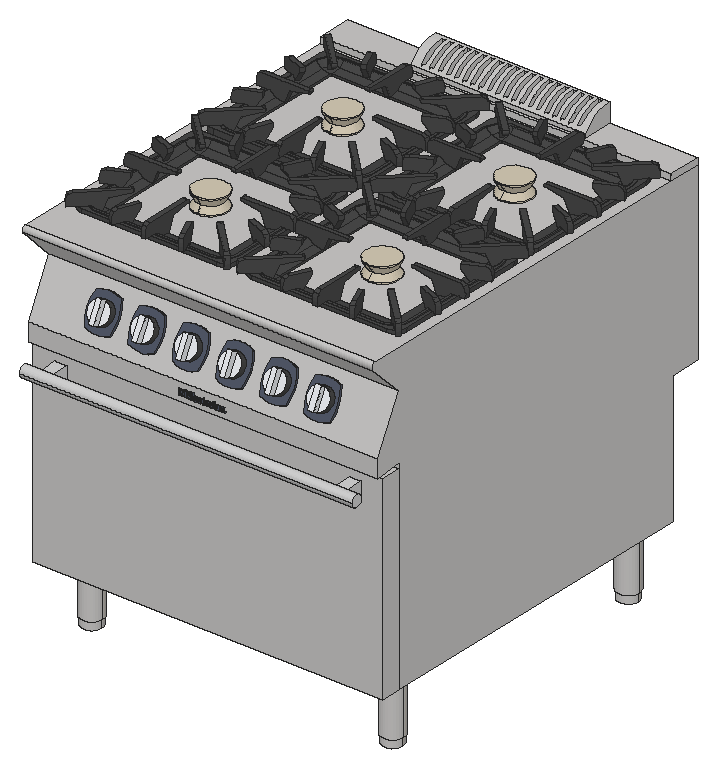
Revit family "QF_ELECTROLUXPROFESSIONAL_391195_E9GCTH4CEM", category Specialty Equipment, Revit 2018
Family settings
  Round Connector Dimension = Use Diameter
  Part Type = Normal
  Work Plane-Based = No
  Always vertical = Yes
  Cut with Voids When Loaded = No
  Shared = No
  Room Calculation Point = No
Parameters
  Width = 800 mm  # constant formula
  Weight in Pounds = 155  # constant formula
  Watts = 6000 VA  # 6000 W
  Volts = 400 V  # constant formula
  URL Cutsheet = "www.electrolux.com"
  URL = "www.electrolux.com"
  Type Mark [instance] = ""
  Status [instance] = ""
  Specification by User [instance] = ""
  Specification by Manufacturer = ""
  Show Logo [instance] = yes
  Show Clearance [instance] = yes
  Serial Number = ""
  Seismic Rating = ""
  SMACNA No = ""
  Revision Code [instance] = ""
  Phase = 3  # constant formula
  Omniclass Number and Title = ""
  Number of Poles [instance] = 1
  NAFEM Spec ID Number = ""
  Model = "391195"
  Min Ckt Ampacity = 0 A
  Mechanical Remarks [instance] = ""
  Mechanical Connection Type [instance] = ""
  Max Overcurrent Protection = 0 A
  Masterspec = ""
  Manufacturer = "ELECTROLUX"
  Item Number [instance] = ""
  Installed By [instance] = ""
  Identify Quantity as Lot [instance] = yes
  Height = 908.9 mm  # constant formula
  HP = "8 HP"
  Gas Size = 12.7 mm  # 1/2"
  Gas RI Height [instance] = 0 mm
  Gas KW [instance] = 28  # constant formula
  Gas Input [instance] = 27974.2 VA  # 95452.0 Btu/h
  Gas Connection Height = 0 mm
  Furnished By [instance] = ""
  Foodservice Equipment Identifier [instance] = yes
  FL Amps = if(Phase = 3, Watts / (Volts * 1.73), Watts / Volts)  # 8.67052 A
  Electrical Remarks [instance] = "230 V/3 ph/50/60 Hz"  # constant formula
  Electric Connection Type [instance] = ""
  Elec Conn RI Height [instance] = 0 mm
  Elec Conn Connection Height [instance] = 0 mm
  Direct Waste Size = 0"
  Description = "900XP 4 GAS BURNERS 6kW TOWN GAS ONELECTRIC OVEN 400V -TEMP 110/285°C"
  Depth = 930 mm  # constant formula
  Cycle [instance] = if([60 Hertz Option], 60 Hz, 50 Hz)  # 60 Hz
  Conn Plug = ""
  Conn Conduit = yes
  CSI MasterFormat = ""
  CSI Master Format = ""
  Assembly Code = ""
  Apparent Power = if(Phase = 3, Volts * FL Amps * 1.73, Volts * FL Amps)  # 6000 VA
  60 Hertz Option [instance] = not([50 Hertz Option])  # yes
  50 Hertz Option [instance] = no
Reference planes
  plane 1 "BACK": y = 0
  plane 2: z = 0
  plane 3 "LEFT": x = 0
  plane 4 "RIGHT": x = 800
  plane 5 "FRONT": y = -930
  plane 6 "TOP": z = 908.9
  plane 7 "Center Y": x = 400
  plane 8 "Center X": y = -465
  plane 9 "Base": z = 150
  plane 10: z = 850.9
  plane 11: y = -128
  plane 12: y = -802
  plane 13: x = 56
  plane 14: x = 744
Forms (mm)
  Extrusion 1, solid, material "QF_Finishes_Stainless Steel"
    sketch origin (0, 0, 576.175) x (0, 1, 0) y (0, 0, 1)
      loop
        line (0, 274.825) -> (0, 288.925) -> (-76.2, 288.925) -> (-76.2, 274.825) -> (0, 274.825)
    from 0 to 800
  Extrusion 2, void
    sketch origin (3.75, 0, 576.175) x (1, 0, 0) y (0, 1, 0)
      loop
        line (44.565, -824.098) -> (358.141, -824.098)
        arc (358.141, -824.098) -> (374.37, -817.376) -> (381.092, -801.147) r 22.951
        line (381.092, -801.147) -> (381.092, -114.13)
        arc (381.092, -114.13) -> (374.37, -97.901) -> (358.141, -91.179) r 22.951
        line (358.141, -91.179) -> (44.565, -91.179)
        arc (44.565, -91.179) -> (28.336, -97.901) -> (21.614, -114.13) r 22.951
        line (21.614, -114.13) -> (21.614, -801.147)
        arc (21.614, -801.147) -> (28.336, -817.376) -> (44.565, -824.098) r 22.951
    from 263.061 to 276.145
  Extrusion 3, void
    sketch origin (395.575, 0, 576.175) x (1, 0, 0) y (0, 1, 0)
      loop
        line (41.909, -824.098) -> (358.141, -824.098)
        arc (358.141, -824.098) -> (374.37, -817.376) -> (381.092, -801.147) r 22.951
        line (381.092, -801.147) -> (381.092, -114.13)
        arc (381.092, -114.13) -> (374.37, -97.901) -> (358.141, -91.179) r 22.951
        line (358.141, -91.179) -> (41.909, -91.179)
        arc (41.909, -91.179) -> (25.68, -97.901) -> (18.958, -114.13) r 22.951
        line (18.958, -114.13) -> (18.958, -801.147)
        arc (18.958, -801.147) -> (25.68, -817.376) -> (41.909, -824.098) r 22.951
    from 263.061 to 276.145
  Extrusion 4, solid, material "QF_Finishes_Navy Blue", visible <- "Show Logo"
    sketch origin (200, -913.213, 606.338) x (0, 0, 1) y (-1, 0, 0)
      loop
        line (27.764, -154.438) -> (15.398, -154.438)
        arc (15.398, -154.438) -> (21.581, -159.009) -> (27.764, -154.438) r 6.467
      loop
        arc (27.764, -153.809) -> (26.595, -148.666) -> (21.939, -146.188) r 6.338
        line (21.939, -146.188) -> (21.939, -148.234)
        arc (21.939, -148.234) -> (23.423, -151.889) -> (26.869, -153.809) r 5.941
        line (26.869, -153.809) -> (27.764, -153.809)
      loop
        arc (16.293, -153.809) -> (19.739, -151.889) -> (21.222, -148.234) r 5.941
        line (21.222, -148.234) -> (21.222, -146.188)
        arc (21.222, -146.188) -> (16.528, -148.662) -> (15.239, -153.809) r 6.504
        line (15.239, -153.809) -> (16.293, -153.809)
      loop
        line (28.439, -145.719) -> (14.695, -145.719) -> (14.695, -159.482) -> (28.439, -159.482) -> (28.439, -145.719)
      loop
        arc (28.523, -162.449) -> (28.175, -162.092) -> (27.808, -162.43) r 0.358
        arc (27.808, -162.43) -> (27.494, -163.18) -> (26.777, -163.565) r 1.216
        line (26.777, -163.565) -> (16.364, -163.565)
        arc (16.364, -163.565) -> (15.704, -163.287) -> (15.308, -162.691) r 1.238
        arc (15.308, -162.691) -> (14.914, -162.44) -> (14.608, -162.794) r 0.358
        line (14.608, -162.794) -> (14.608, -172.673) -> (17.359, -172.673) -> (17.359, -171.776)
        arc (17.359, -171.776) -> (16.45, -171.196) -> (15.995, -170.219) r 1.928
        line (15.995, -170.219) -> (15.995, -167.719)
        arc (15.995, -167.719) -> (16.27, -166.991) -> (16.959, -166.627) r 1.101
        line (16.959, -166.627) -> (21.045, -166.627) -> (21.045, -170.3)
        arc (21.045, -170.3) -> (20.692, -170.797) -> (20.127, -171.025) r 1.083
        arc (20.127, -171.025) -> (19.864, -171.331) -> (20.156, -171.609) r 0.292
        line (20.156, -171.609) -> (23.118, -171.609)
        arc (23.118, -171.609) -> (23.421, -171.336) -> (23.182, -171.006) r 0.305
        arc (23.182, -171.006) -> (22.692, -170.758) -> (22.387, -170.3) r 1.083
        line (22.387, -170.3) -> (22.387, -166.627) -> (27.064, -166.627) -> (27.064, -170.374)
        arc (27.064, -170.374) -> (26.85, -171.13) -> (26.243, -171.628) r 1.314
        arc (26.243, -171.628) -> (26.024, -172.032) -> (26.379, -172.324) r 0.361
        line (26.379, -172.324) -> (28.523, -172.324) -> (28.523, -162.449)
      loop
        arc (27.805, -173.105) -> (27.425, -174.023) -> (26.506, -174.404) r 1.299
        line (26.506, -174.404) -> (16.928, -174.404)
        arc (16.928, -174.404) -> (16.09, -174.026) -> (15.818, -173.148) r 1.118
        line (15.818, -173.148) -> (14.608, -173.148) -> (14.608, -178.498) -> (15.797, -178.498)
        arc (15.797, -178.498) -> (16.068, -177.581) -> (16.938, -177.185) r 1.153
        line (16.938, -177.185) -> (29.011, -177.185) -> (27.805, -173.105)
      loop
        line (19.573, -181.134) -> (19.573, -187.581) -> (20.372, -187.581)
        arc (20.372, -187.581) -> (22.953, -186.597) -> (24.221, -184.143) r 3.874
        line (24.221, -184.143) -> (24.221, -182.383)
        arc (24.221, -182.383) -> (23.035, -179.518) -> (20.17, -178.332) r 4.051
        line (20.17, -178.332) -> (18.162, -178.332)
        arc (18.162, -178.332) -> (15.344, -179.816) -> (14.292, -182.824) r 4.352
        arc (14.292, -182.824) -> (14.656, -185.287) -> (16.034, -187.361) r 5.713
        line (16.034, -187.361) -> (16.983, -187.361)
        arc (16.983, -187.361) -> (16.25, -185.792) -> (16.034, -184.074) r 5.579
        arc (16.034, -184.074) -> (16.828, -182.111) -> (18.707, -181.134) r 3.057
        line (18.707, -181.134) -> (19.573, -181.134)
      loop
        line (20.832, -181.134) -> (20.832, -184.716)
        arc (20.832, -184.716) -> (22.289, -184.763) -> (23.172, -183.604) r 1.59
        line (23.172, -183.604) -> (23.172, -182.774)
        arc (23.172, -182.774) -> (22.308, -181.519) -> (20.832, -181.134) r 2.184
      loop
        arc (23.623, -196.999) -> (24.112, -195.325) -> (24.27, -193.588) r 9.023
        line (24.27, -193.588) -> (24.27, -192.225)
        arc (24.27, -192.225) -> (23.11, -189.426) -> (20.311, -188.266) r 3.959
        line (20.311, -188.266) -> (17.71, -188.266)
        arc (17.71, -188.266) -> (15.429, -189.559) -> (14.311, -191.932) r 4.331
        line (14.311, -191.932) -> (14.311, -194.067)
        arc (14.311, -194.067) -> (14.819, -195.617) -> (15.741, -196.963) r 5.772
        arc (15.741, -196.963) -> (16.503, -197.014) -> (16.589, -196.255) r 0.553
        arc (16.589, -196.255) -> (16.201, -195.521) -> (16.068, -194.702) r 2.573
        line (16.068, -194.702) -> (16.068, -193.187)
        arc (16.068, -193.187) -> (17.073, -191.545) -> (18.888, -190.903) r 2.884
        line (18.888, -190.903) -> (20.167, -190.903)
        arc (20.167, -190.903) -> (21.988, -191.463) -> (22.915, -193.128) r 2.554
        line (22.915, -193.128) -> (22.915, -194.181)
        arc (22.915, -194.181) -> (22.583, -195.109) -> (21.926, -195.844) r 2.564
        arc (21.926, -195.844) -> (21.705, -196.561) -> (22.314, -196.999) r 0.643
        line (22.314, -196.999) -> (23.623, -196.999)
      loop
        line (22.605, -197.269) -> (22.605, -198.77) -> (16.557, -198.77)
        arc (16.557, -198.77) -> (14.969, -199.428) -> (14.311, -201.016) r 2.246
        line (14.311, -201.016) -> (14.311, -202.6)
        arc (14.311, -202.6) -> (14.625, -203.464) -> (15.126, -204.236) r 4.06
        arc (15.126, -204.236) -> (15.858, -204.369) -> (16.109, -203.668) r 0.576
        arc (16.109, -203.668) -> (16.003, -203.142) -> (16.068, -202.61) r 1.69
        arc (16.068, -202.61) -> (16.609, -201.822) -> (17.516, -201.519) r 1.506
        line (17.516, -201.519) -> (22.653, -201.519) -> (22.653, -203.916) -> (23.21, -204.472) -> (24.031, -204.472) -> (24.031, -201.612) -> (27.263, -201.612) -> (22.605, -197.269)
      loop
        line (14.529, -205.37) -> (14.529, -210.757) -> (15.639, -210.757)
        arc (15.639, -210.757) -> (16.033, -209.806) -> (16.984, -209.412) r 1.345
        line (16.984, -209.412) -> (20.6, -209.412)
        arc (20.6, -209.412) -> (21.364, -210.003) -> (21.654, -210.926) r 1.615
        line (21.654, -210.926) -> (21.654, -212.482) -> (24.21, -213.167) -> (24.21, -211.784) -> (22.267, -209.225) -> (24.147, -209.225) -> (23.863, -206.519)
        arc (23.863, -206.519) -> (23.423, -205.989) -> (22.765, -206.19) r 0.621
        arc (22.765, -206.19) -> (22.364, -206.532) -> (21.87, -206.715) r 1.501
        line (21.87, -206.715) -> (16.984, -206.715)
        arc (16.984, -206.715) -> (16.033, -206.321) -> (15.639, -205.37) r 1.345
        line (15.639, -205.37) -> (14.529, -205.37)
      loop
        line (20.631, -212.704) -> (17.938, -212.704)
        arc (17.938, -212.704) -> (15.493, -214.012) -> (14.359, -216.542) r 4.288
        arc (14.359, -216.542) -> (14.295, -217.923) -> (14.359, -219.303) r 15.022
        arc (14.359, -219.303) -> (15.493, -221.833) -> (17.938, -223.141) r 4.288
        line (17.938, -223.141) -> (20.631, -223.141)
        arc (20.631, -223.141) -> (23.076, -221.833) -> (24.21, -219.303) r 4.288
        arc (24.21, -219.303) -> (24.273, -217.923) -> (24.21, -216.542) r 15.022
        arc (24.21, -216.542) -> (23.076, -214.012) -> (20.631, -212.704) r 4.288
      loop
        line (20.835, -215.818) -> (17.734, -215.818)
        arc (17.734, -215.818) -> (15.577, -217.975) -> (17.734, -220.132) r 2.157
        line (17.734, -220.132) -> (20.835, -220.132)
        arc (20.835, -220.132) -> (22.992, -217.975) -> (20.835, -215.818) r 2.157
      loop
        arc (27.816, -222.999) -> (27.446, -223.893) -> (26.552, -224.264) r 1.264
        line (26.552, -224.264) -> (16.687, -224.264)
        arc (16.687, -224.264) -> (15.817, -223.867) -> (15.546, -222.951) r 1.153
        line (15.546, -222.951) -> (14.608, -222.951) -> (14.608, -228.059) -> (15.536, -228.059)
        arc (15.536, -228.059) -> (15.896, -227.287) -> (16.687, -226.972) r 1.153
        line (16.687, -226.972) -> (29.011, -226.972) -> (27.816, -222.999)
      loop
        arc (22.936, -227.596) -> (22.737, -228.661) -> (21.768, -229.143) r 1.215
        line (21.768, -229.143) -> (16.748, -229.143)
        arc (16.748, -229.143) -> (15.134, -229.79) -> (14.413, -231.373) r 2.338
        line (14.413, -231.373) -> (14.413, -232.888)
        arc (14.413, -232.888) -> (14.587, -233.892) -> (15.09, -234.778) r 2.979
        line (15.09, -234.778) -> (14.608, -236.574) -> (14.608, -238.263) -> (24.034, -238.263) -> (23.74, -234.06) -> (22.953, -234.06)
        arc (22.953, -234.06) -> (22.598, -234.896) -> (21.845, -235.405) r 1.605
        line (21.845, -235.405) -> (16.742, -235.405)
        arc (16.742, -235.405) -> (16.322, -234.468) -> (16.249, -233.444) r 2.94
        arc (16.249, -233.444) -> (16.81, -232.343) -> (17.964, -231.9) r 1.724
        line (17.964, -231.9) -> (24.16, -231.9) -> (22.936, -227.596)
      loop
        line (23.965, -239.117) -> (22.292, -241.163) -> (19.118, -243.469) -> (15.662, -240.357)
        arc (15.662, -240.357) -> (15.425, -239.963) -> (15.447, -239.504) r 0.789
        line (15.447, -239.504) -> (14.608, -239.504) -> (14.608, -243.049) -> (15.434, -243.049)
        arc (15.434, -243.049) -> (15.777, -242.687) -> (16.267, -242.779) r 0.52
        line (16.267, -242.779) -> (18.067, -244.25) -> (15.948, -245.625)
        arc (15.948, -245.625) -> (15.547, -245.315) -> (15.46, -244.816) r 0.7
        line (15.46, -244.816) -> (14.608, -244.816) -> (14.608, -250.743) -> (15.495, -250.743)
        arc (15.495, -250.743) -> (15.562, -250.084) -> (15.957, -249.552) r 1.247
        line (15.957, -249.552) -> (20.156, -246.271) -> (22.604, -248.325) -> (23.965, -250.067) -> (23.965, -246.343) -> (22.479, -246.766) -> (20.958, -245.489) -> (22.658, -244.299) -> (23.965, -245.075) -> (23.965, -239.117)
    from 0 to 1.644
  Extrusion 5, solid, material "QF_Finishes_Stainless Steel"
    sketch origin (0, 0, 576.175) x (0, 1, 0) y (0, 0, 1)
      loop
        line (0, -126.175) -> (0, 274.825) -> (-921.377, 274.825)
        arc (-921.377, 274.825) -> (-929.35, 269.498) -> (-927.479, 260.093) r 8.63
        line (-927.479, 260.093) -> (-853.916, 186.53) -> (-913.34, 73.338) -> (-913.34, 30.701) -> (-855.716, 38.8)
        arc (-855.716, 38.8) -> (-853.191, 38.052) -> (-852.099, 35.656) r 3.175
        line (-852.099, 35.656) -> (-852.099, -426.175) -> (-71, -426.175) -> (-71, -126.175) -> (0, -126.175)
    from 0 to 800
  Extrusion 6, solid, material "QF_Finishes_Stainless Steel"
    sketch origin (0, 0, 576.213) x (0, 1, 0) y (0, 0, 1)
      loop
        line (0, 274.687) -> (0, 288.975) -> (-76.2, 288.975) -> (-76.2, 274.687) -> (0, 274.687)
    from 0 to 800
  Extrusion 7, solid, material "QF_Clearances", visible <- "Show Clearance", detail levels coarse
    sketch origin (0, 0, 0) x (1, 0, 0) y (0, 1, 0)
      loop
        line (-100, -930) -> (0, -930) -> (0, 0) -> (800, 0) -> (800, -930) -> (900, -930) -> (900, 150) -> (-100, 150) -> (-100, -930)
    from 0 to 908.85
  Extrusion 8, void
    sketch origin (-65.011, 0, 865.138) x (-1, 0, 0) y (0, -1, 0)
      loop
        line (-295.005, 6.761) -> (-285.709, 6.761) -> (-285.709, 63.911) -> (-295.005, 63.911) -> (-295.005, 6.761)
      loop
        line (-313.697, 6.761) -> (-304.401, 6.761) -> (-304.401, 63.911) -> (-313.697, 63.911) -> (-313.697, 6.761)
      loop
        line (-332.39, 6.761) -> (-323.094, 6.761) -> (-323.094, 63.911) -> (-332.39, 63.911) -> (-332.39, 6.761)
      loop
        line (-351.082, 6.761) -> (-341.787, 6.761) -> (-341.787, 63.911) -> (-351.082, 63.911) -> (-351.082, 6.761)
      loop
        line (-369.775, 6.761) -> (-360.479, 6.761) -> (-360.479, 63.911) -> (-369.775, 63.911) -> (-369.775, 6.761)
      loop
        line (-388.468, 6.761) -> (-379.172, 6.761) -> (-379.172, 63.911) -> (-388.468, 63.911) -> (-388.468, 6.761)
      loop
        line (-407.16, 6.761) -> (-397.864, 6.761) -> (-397.864, 63.911) -> (-407.16, 63.911) -> (-407.16, 6.761)
      loop
        line (-425.853, 6.761) -> (-416.557, 6.761) -> (-416.557, 63.911) -> (-425.853, 63.911) -> (-425.853, 6.761)
      loop
        line (-444.545, 6.761) -> (-435.25, 6.761) -> (-435.25, 63.911) -> (-444.545, 63.911) -> (-444.545, 6.761)
      loop
        line (-463.238, 6.761) -> (-453.942, 6.761) -> (-453.942, 63.911) -> (-463.238, 63.911) -> (-463.238, 6.761)
      loop
        line (-481.931, 6.761) -> (-472.635, 6.761) -> (-472.635, 63.911) -> (-481.931, 63.911) -> (-481.931, 6.761)
      loop
        line (-500.623, 6.761) -> (-491.328, 6.761) -> (-491.328, 63.911) -> (-500.623, 63.911) -> (-500.623, 6.761)
      loop
        line (-519.316, 6.761) -> (-510.02, 6.761) -> (-510.02, 63.911) -> (-519.316, 63.911) -> (-519.316, 6.761)
      loop
        line (-538.008, 6.761) -> (-528.713, 6.761) -> (-528.713, 63.911) -> (-538.008, 63.911) -> (-538.008, 6.761)
      loop
        line (-556.701, 6.761) -> (-547.405, 6.761) -> (-547.405, 63.911) -> (-556.701, 63.911) -> (-556.701, 6.761)
      loop
        line (-575.394, 6.761) -> (-566.098, 6.761) -> (-566.098, 63.911) -> (-575.394, 63.911) -> (-575.394, 6.761)
      loop
        line (-594.086, 6.761) -> (-584.791, 6.761) -> (-584.791, 63.911) -> (-594.086, 63.911) -> (-594.086, 6.761)
      loop
        line (-612.779, 6.761) -> (-603.483, 6.761) -> (-603.483, 63.911) -> (-612.779, 63.911) -> (-612.779, 6.761)
      loop
        line (-631.472, 6.761) -> (-622.176, 6.761) -> (-622.176, 63.911) -> (-631.472, 63.911) -> (-631.472, 6.761)
      loop
        line (-650.164, 6.761) -> (-640.868, 6.761) -> (-640.868, 63.911) -> (-650.164, 63.911) -> (-650.164, 6.761)
    from 9.525 to 45.348
  Extrusion 9, solid, material "QF_Finishes_Stainless Steel"
    sketch origin (-200, 0, 590.5) x (0, 1, 0) y (0, 0, 1)
      loop
        line (0, 274.688) -> (0, 318.4)
        arc (0, 318.4) -> (-39.072, 309.779) -> (-69.85, 284.212) r 84.854
        line (-69.85, 284.212) -> (-69.85, 274.688) -> (0, 274.688)
    from 400 to 800
  Revolve 10, solid, material "QF_Finishes_Stainless Steel"
    sketch origin (1, -128, 0) x (1, 0, 0) y (0, 0, 1)
      loop
        line (55, 0) -> (55, 150) -> (29.6, 150) -> (29.6, 19.05) -> (32.1, 19.05) -> (32.1, 0) -> (55, 0)
      axis (55, 0) -> (55, 150)
    angle from 0 to 360
  Revolve 11, solid, material "QF_Finishes_Stainless Steel"
    sketch origin (1, -802, 0) x (1, 0, 0) y (0, 0, 1)
      loop
        line (55, 0) -> (55, 150) -> (29.6, 150) -> (29.6, 19.05) -> (32.1, 19.05) -> (32.1, 0) -> (55, 0)
      axis (55, 0) -> (55, 150)
    angle from 0 to 360
  Extrusion 12, solid, material "QF_Finishes_Stainless Steel"
    sketch origin (0, -852.222, 611.731) x (0, 0, -1) y (1, 0, 0)
      loop
        line (461.731, 0) -> (461.731, 800) -> (9.61, 800) -> (9.61, 0) -> (461.731, 0)
    from 3.175 to 47.778
  Extrusion 13, solid, material "QF_Door-Drawer Clearances", visible <- "Show Clearance", detail levels coarse
    sketch origin (0, -200, 0) x (0, 1, 0) y (0, 0, 1)
      loop
        line (-1109, 150) -> (-700, 150) -> (-700, 601.405)
        arc (-700, 601.405) -> (-991.543, 454.568) -> (-1109, 150) r 453.603
    from 0 to 800
  Extrusion 14, solid, material "QF_Finishes_Handrails and Railings"
    sketch origin (0, -200, 0) x (0, 1, 0) y (0, 0, 1)
      loop
        line (-700, 580.001) -> (-738.678, 577.296)
        arc (-738.678, 577.296) -> (-739.871, 563.489) -> (-752.981, 558.993) r 12.7
        arc (-752.981, 558.993) -> (-752.44, 558.176) -> (-751.841, 557.401) r 13.441
        arc (-751.841, 557.401) -> (-750.036, 555.955) -> (-747.808, 555.335) r 5.77
        line (-747.808, 555.335) -> (-700, 551.992) -> (-700, 580.001)
    from 50.8 to 76.2
  Extrusion 15, solid, material "QF_Finishes_Handrails and Railings"
    sketch origin (800, -200, 0) x (0, 1, 0) y (0, 0, -1)
      loop
        line (-700, -580.001) -> (-700, -551.992) -> (-747.808, -555.335)
        arc (-747.808, -555.335) -> (-750.036, -555.955) -> (-751.841, -557.401) r 5.77
        arc (-751.841, -557.401) -> (-752.44, -558.176) -> (-752.981, -558.993) r 13.441
        arc (-752.981, -558.993) -> (-739.871, -563.489) -> (-738.678, -577.296) r 12.7
        line (-738.678, -577.296) -> (-700, -580.001)
    from 50.8 to 76.2
  Extrusion 16, solid, material "QF_Finishes_Handrails and Railings"
    sketch origin (0, -200, 0) x (0, 1, 0) y (0, 0, 1)
      loop
        circle (-749.878, 571.309) r 12.7
    from 19.875 to 780.125
  Extrusion 17, solid, material "QF_Finishes_Stainless Steel"
    sketch origin (-113.75, -170, 0) x (-1, 0, 0) y (0, -1, 0)
      loop
        circle (-747.613, 464) r 6.35
    from 132.891 to 150
  Extrusion 18, solid, material "QF_Finishes_Stainless Steel"
    sketch origin (-81.25, -220, 0) x (-1, 0, 0) y (0, -1, 0)
      loop
        circle (-747.613, 464) r 3.175
    from 138.89 to 150
  Revolve 19, solid, material "QF_Finishes_Stainless Steel"
    sketch origin (799, -128, 0) x (-1, 0, 0) y (0, 0, -1)
      loop
        line (55, 0) -> (32.1, 0) -> (32.1, -19.05) -> (29.6, -19.05) -> (29.6, -150) -> (55, -150) -> (55, 0)
      axis (55, 0) -> (55, -150)
    angle from 0 to 360
  Revolve 20, solid, material "QF_Finishes_Stainless Steel"
    sketch origin (799, -802, 0) x (-1, 0, 0) y (0, 0, -1)
      loop
        line (55, 0) -> (32.1, 0) -> (32.1, -19.05) -> (29.6, -19.05) -> (29.6, -150) -> (55, -150) -> (55, 0)
      axis (55, 0) -> (55, -150)
    angle from 0 to 360
  Extrusion 21, solid, material "QF_Finishes_Navy Blue"
    sketch origin (0, -853.916, 762.705) x (0, -0.464822, -0.885404) y (1, 0, 0)
      loop
        arc (28.141, 220.714) -> (63.723, 213.089) -> (99.431, 220.096) r 90.5
        arc (99.431, 220.096) -> (106.257, 249.284) -> (99.431, 278.472) r 65.817
        arc (99.431, 278.472) -> (63.723, 285.432) -> (28.141, 277.859) r 91.066
        arc (28.141, 277.859) -> (21.585, 249.286) -> (28.141, 220.714) r 65.546
      loop
        arc (28.141, 120.714) -> (63.723, 113.089) -> (99.431, 120.096) r 90.5
        arc (99.431, 120.096) -> (106.257, 149.284) -> (99.431, 178.472) r 65.817
        arc (99.431, 178.472) -> (63.723, 185.432) -> (28.141, 177.859) r 91.066
        arc (28.141, 177.859) -> (21.585, 149.286) -> (28.141, 120.714) r 65.546
      loop
        arc (28.141, 579.286) -> (21.585, 550.714) -> (28.141, 522.141) r 65.546
        arc (28.141, 522.141) -> (63.723, 514.568) -> (99.431, 521.528) r 91.066
        arc (99.431, 521.528) -> (106.257, 550.716) -> (99.431, 579.904) r 65.817
        arc (99.431, 579.904) -> (63.723, 586.911) -> (28.141, 579.286) r 90.5
      loop
        arc (28.141, 679.286) -> (21.585, 650.714) -> (28.141, 622.141) r 65.546
        arc (28.141, 622.141) -> (63.723, 614.568) -> (99.431, 621.528) r 91.066
        arc (99.431, 621.528) -> (106.257, 650.716) -> (99.431, 679.904) r 65.817
        arc (99.431, 679.904) -> (63.723, 686.911) -> (28.141, 679.286) r 90.5
      loop
        arc (28.141, 421.43) -> (63.723, 413.805) -> (99.431, 420.812) r 90.5
        arc (99.431, 420.812) -> (106.257, 450) -> (99.431, 479.188) r 65.817
        arc (99.431, 479.188) -> (63.723, 486.148) -> (28.141, 478.575) r 91.066
        arc (28.141, 478.575) -> (21.585, 450.002) -> (28.141, 421.43) r 65.546
      loop
        arc (28.141, 321.43) -> (63.723, 313.805) -> (99.431, 320.812) r 90.5
        arc (99.431, 320.812) -> (106.257, 350) -> (99.431, 379.188) r 65.817
        arc (99.431, 379.188) -> (63.723, 386.148) -> (28.141, 378.575) r 91.066
        arc (28.141, 378.575) -> (21.585, 350.002) -> (28.141, 321.43) r 65.546
    from 0 to 3.175
  Extrusion 22, solid, material "QF_Finishes_White"
    sketch origin (791.956, -867.972, 773.209) x (0, -0.464822, -0.885404) y (1, 0, 0)
      loop
        line (41.956, -347.785) -> (91.42, -347.785)
        arc (91.42, -347.785) -> (92.088, -341.999) -> (91.42, -336.213) r 25.4
        line (91.42, -336.213) -> (41.956, -336.213)
        arc (41.956, -336.213) -> (41.288, -341.999) -> (41.956, -347.785) r 25.4
      loop
        line (41.956, -447.785) -> (91.42, -447.785)
        arc (91.42, -447.785) -> (92.088, -441.999) -> (91.42, -436.213) r 25.4
        line (91.42, -436.213) -> (41.956, -436.213)
        arc (41.956, -436.213) -> (41.288, -441.999) -> (41.956, -447.785) r 25.4
      loop
        line (41.956, -547.871) -> (91.42, -547.871)
        arc (91.42, -547.871) -> (92.088, -542.085) -> (91.42, -536.299) r 25.4
        line (91.42, -536.299) -> (41.956, -536.299)
        arc (41.956, -536.299) -> (41.288, -542.085) -> (41.956, -547.871) r 25.4
      loop
        line (41.956, -647.871) -> (91.42, -647.871)
        arc (91.42, -647.871) -> (92.088, -642.085) -> (91.42, -636.299) r 25.4
        line (91.42, -636.299) -> (41.956, -636.299)
        arc (41.956, -636.299) -> (41.288, -642.085) -> (41.956, -647.871) r 25.4
      loop
        line (41.956, -245.285) -> (91.42, -245.285)
        arc (91.42, -245.285) -> (92.088, -239.499) -> (91.42, -233.713) r 25.4
        line (91.42, -233.713) -> (41.956, -233.713)
        arc (41.956, -233.713) -> (41.288, -239.499) -> (41.956, -245.285) r 25.4
      loop
        line (41.956, -145.285) -> (91.42, -145.285)
        arc (91.42, -145.285) -> (92.088, -139.499) -> (91.42, -133.713) r 25.4
        line (91.42, -133.713) -> (41.956, -133.713)
        arc (41.956, -133.713) -> (41.288, -139.499) -> (41.956, -145.285) r 25.4
    from 0 to 12.7
  Extrusion 23, solid, material "QF_Finishes_White"
    sketch origin (791.956, -856.727, 767.306) x (0, -0.464822, -0.885404) y (1, 0, 0)
      loop
        circle (66.843, -239.713) r 25.4
      loop
        circle (66.843, -139.713) r 25.4
      loop
        circle (66.843, -542.299) r 25.4
      loop
        circle (66.843, -642.299) r 25.4
      loop
        circle (66.843, -442.213) r 25.4
      loop
        circle (66.843, -342.213) r 25.4
    from 0 to 12.7
Cuts and joins
  Extrusion 2, Extrusion 3 cuts Extrusion 5
  Extrusion 8 cuts Extrusion 9
Lines and regions (mm)
  symbolic lines
    curve 1: line (0, -929.879, 0) -> (400.05, -929.879, 0)
    curve 2: line (0, 0, 0) -> (0, -929.879, 0)
    curve 3: line (400.05, 0, 0) -> (0, 0, 0)
    curve 4: line (0, -76.2, 0) -> (399.95, -76.2, 0)
    curve 8: line (400.05, -929.879, 0) -> (800, -929.879, 0)
    curve 9: line (800, 0, 0) -> (400.05, 0, 0)
    curve 10: line (800, -929.879, 0) -> (800, 0, 0)
    curve 11: line (399.95, -76.2, 0) -> (800, -76.2, 0)
    curve 15: line (200, 0, 0) -> (200, -69.85, 0)
    curve 16: line (200, -69.85, 0) -> (600, -69.85, 0)
    curve 17: line (600, -69.85, 0) -> (600, 0, 0)
    curve 18: line (600, 0, 0) -> (200, 0, 0)
    curve 19: line (220.698, -63.911, 0) -> (220.698, -6.761, 0)
    curve 20: line (220.698, -6.761, 0) -> (229.994, -6.761, 0)
    curve 21: line (229.994, -6.761, 0) -> (229.994, -63.911, 0)
    curve 22: line (229.994, -63.911, 0) -> (220.698, -63.911, 0)
    curve 23: line (239.39, -63.911, 0) -> (239.39, -6.761, 0)
    curve 24: line (239.39, -6.761, 0) -> (248.686, -6.761, 0)
    curve 25: line (248.686, -6.761, 0) -> (248.686, -63.911, 0)
    curve 26: line (248.686, -63.911, 0) -> (239.39, -63.911, 0)
    curve 27: line (258.083, -63.911, 0) -> (258.083, -6.761, 0)
    curve 28: line (258.083, -6.761, 0) -> (267.379, -6.761, 0)
    curve 29: line (267.379, -6.761, 0) -> (267.379, -63.911, 0)
    curve 30: line (267.379, -63.911, 0) -> (258.083, -63.911, 0)
    curve 31: line (276.776, -63.911, 0) -> (276.776, -6.761, 0)
    curve 32: line (276.776, -6.761, 0) -> (286.071, -6.761, 0)
    curve 33: line (286.071, -6.761, 0) -> (286.071, -63.911, 0)
    curve 34: line (286.071, -63.911, 0) -> (276.776, -63.911, 0)
    curve 35: line (295.468, -63.911, 0) -> (295.468, -6.761, 0)
    curve 36: line (295.468, -6.761, 0) -> (304.764, -6.761, 0)
    curve 37: line (304.764, -6.761, 0) -> (304.764, -63.911, 0)
    curve 38: line (304.764, -63.911, 0) -> (295.468, -63.911, 0)
    curve 39: line (314.161, -63.911, 0) -> (314.161, -6.761, 0)
    curve 40: line (314.161, -6.761, 0) -> (323.457, -6.761, 0)
    curve 41: line (323.457, -6.761, 0) -> (323.457, -63.911, 0)
    curve 42: line (323.457, -63.911, 0) -> (314.161, -63.911, 0)
    curve 43: line (332.854, -63.911, 0) -> (332.854, -6.761, 0)
    curve 44: line (332.854, -6.761, 0) -> (342.149, -6.761, 0)
    curve 45: line (342.149, -6.761, 0) -> (342.149, -63.911, 0)
    curve 46: line (342.149, -63.911, 0) -> (332.854, -63.911, 0)
    curve 47: line (351.546, -63.911, 0) -> (351.546, -6.761, 0)
    curve 48: line (351.546, -6.761, 0) -> (360.842, -6.761, 0)
    curve 49: line (360.842, -6.761, 0) -> (360.842, -63.911, 0)
    curve 50: line (360.842, -63.911, 0) -> (351.546, -63.911, 0)
    curve 51: line (585.153, -6.761, 0) -> (585.153, -63.911, 0)
    curve 52: line (585.153, -63.911, 0) -> (575.857, -63.911, 0)
    curve 53: line (575.857, -63.911, 0) -> (575.857, -6.761, 0)
    curve 54: line (575.857, -6.761, 0) -> (585.153, -6.761, 0)
    curve 55: line (566.461, -6.761, 0) -> (566.461, -63.911, 0)
    curve 56: line (566.461, -63.911, 0) -> (557.165, -63.911, 0)
    curve 57: line (557.165, -63.911, 0) -> (557.165, -6.761, 0)
    curve 58: line (557.165, -6.761, 0) -> (566.461, -6.761, 0)
    curve 59: line (547.768, -6.761, 0) -> (547.768, -63.911, 0)
    curve 60: line (547.768, -63.911, 0) -> (538.472, -63.911, 0)
    curve 61: line (538.472, -63.911, 0) -> (538.472, -6.761, 0)
    curve 62: line (538.472, -6.761, 0) -> (547.768, -6.761, 0)
    curve 63: line (529.075, -6.761, 0) -> (529.075, -63.911, 0)
    curve 64: line (529.075, -63.911, 0) -> (519.78, -63.911, 0)
    curve 65: line (519.78, -63.911, 0) -> (519.78, -6.761, 0)
    curve 66: line (519.78, -6.761, 0) -> (529.075, -6.761, 0)
    curve 67: line (510.383, -6.761, 0) -> (510.383, -63.911, 0)
    curve 68: line (510.383, -63.911, 0) -> (501.087, -63.911, 0)
    curve 69: line (501.087, -63.911, 0) -> (501.087, -6.761, 0)
    curve 70: line (501.087, -6.761, 0) -> (510.383, -6.761, 0)
    curve 71: line (491.69, -6.761, 0) -> (491.69, -63.911, 0)
    curve 72: line (491.69, -63.911, 0) -> (482.394, -63.911, 0)
    curve 73: line (482.394, -63.911, 0) -> (482.394, -6.761, 0)
    curve 74: line (482.394, -6.761, 0) -> (491.69, -6.761, 0)
    curve 75: line (370.239, -63.911, 0) -> (370.239, -6.761, 0)
    curve 76: line (370.239, -6.761, 0) -> (379.534, -6.761, 0)
    curve 77: line (379.534, -6.761, 0) -> (379.534, -63.911, 0)
    curve 78: line (379.534, -63.911, 0) -> (370.239, -63.911, 0)
    curve 79: line (388.931, -63.911, 0) -> (388.931, -6.761, 0)
    curve 80: line (398.227, -63.911, 0) -> (388.931, -63.911, 0)
    curve 81: line (388.931, -63.911, 0) -> (388.931, -6.761, 0)
    curve 82: line (388.931, -6.761, 0) -> (398.227, -6.761, 0)
    curve 83: line (398.227, -6.761, 0) -> (398.227, -63.911, 0)
    curve 84: line (416.92, -63.911, 0) -> (407.624, -63.911, 0)
    curve 85: line (407.624, -63.911, 0) -> (407.624, -6.761, 0)
    curve 86: line (407.624, -6.761, 0) -> (416.92, -6.761, 0)
    curve 87: line (416.92, -6.761, 0) -> (416.92, -63.911, 0)
    curve 88: line (435.612, -63.911, 0) -> (426.317, -63.911, 0)
    curve 89: line (426.317, -63.911, 0) -> (426.317, -6.761, 0)
    curve 90: line (426.317, -6.761, 0) -> (435.612, -6.761, 0)
    curve 91: line (435.612, -6.761, 0) -> (435.612, -63.911, 0)
    curve 92: line (454.305, -63.911, 0) -> (445.009, -63.911, 0)
    curve 93: line (445.009, -63.911, 0) -> (445.009, -6.761, 0)
    curve 94: line (445.009, -6.761, 0) -> (454.305, -6.761, 0)
    curve 95: line (454.305, -6.761, 0) -> (454.305, -63.911, 0)
    curve 96: line (472.998, -63.911, 0) -> (463.702, -63.911, 0)
    curve 97: line (463.702, -63.911, 0) -> (463.702, -6.761, 0)
    curve 98: line (463.702, -6.761, 0) -> (472.998, -6.761, 0)
    curve 99: line (472.998, -6.761, 0) -> (472.998, -63.911, 0)
  symbolic lines, style "QF_Clearances", visible <- "Show Clearance", detail levels coarse
    curve 5: line (-100, -929.879, 0) -> (-100, 150, 0)
    curve 6: line (-100, 150, 0) -> (900, 150, 0)
    curve 7: line (900, -929.879, 0) -> (900, 150, 0)
  symbolic lines, style "QF_Door-Drawer Clearances"
    curve 12: line (0, -929.879, 0) -> (0, -1309, 0)
    curve 13: line (0, -1309, 0) -> (800, -1309, 0)
    curve 14: line (800, -1309, 0) -> (800, -929.879, 0)
Dimensions and locks
  equal spacing: plane 3 "LEFT", plane 7 "Center Y", plane 4 "RIGHT"
  "Width": plane 3 "LEFT" to plane 4 "RIGHT"
  equal spacing: plane 5 "FRONT", plane 8 "Center X", plane 1 "BACK"
  "Depth": plane 5 "FRONT" to plane 1 "BACK"
  "Height": plane 6 "TOP" to level
  plane 9 "Base" to level = 150 mm  (x2)
  plane 6 "TOP" to plane 10 = 58 mm  (x2)
  plane 10 to level = 850.9 mm  (x2)
  Extrusion 5 sketch curve to Extrusion 5 sketch curve to Extrusion 5 sketch curve to Extrusion 5 sketch curve to Extrusion 5 sketch curve to Extrusion 5 sketch curve to Extrusion 5 sketch curve to Extrusion 5 sketch curve = 0 mm locked, 1.817 mm locked, 1.8 mm locked, 57.624 mm locked, 0 mm locked, 8.037 mm, 6.102 mm locked
  plane 1 "BACK" to cut or joined group of Extrusion 2, Extrusion 3, Extrusion 5 = 71 mm
  plane 1 "BACK" to plane 11 = 128 mm
  plane 11 to plane 12 = 674 mm
  plane 12 to Extrusion 13 = 98 mm
  plane 1 "BACK" to Extrusion 13 = 1309 mm
  plane 4 "RIGHT" to plane 3 "LEFT" = 800 mm
  plane 1 "BACK" to plane 5 "FRONT" = 930 mm
  plane 5 "FRONT" to plane 1 "BACK" = 930 mm
  plane 13 to plane 3 "LEFT" = 56 mm
  plane 14 to plane 13 = 688 mm
  plane 14 to plane 4 "RIGHT" = 56 mm
  plane 10 to plane 9 "Base" = 700.9 mm
  aligned and locked: level to plane 2
Automatic sketch dimensions
  Extrusion 1 sketch curve to plane 1 "BACK" = 0 mm
  plane 10 to Extrusion 1 sketch curve = 14.2 mm
  Extrusion 1 sketch curve to Extrusion 1 sketch curve = 76.2 mm
  plane 10 to Extrusion 1 sketch curve = 0.1 mm
  plane 3 "LEFT" to Extrusion 2 sketch curve = 25.364 mm
  Extrusion 2 sketch curve to Extrusion 2 sketch curve = 22.951 mm  (x2)
  Extrusion 2 sketch curve to plane 7 "Center Y" = 38.109 mm  (x2)
  Extrusion 2 sketch curve to plane 7 "Center Y" = 15.158 mm
  Extrusion 2 sketch curve to plane 5 "FRONT" = 105.902 mm
  plane 1 "BACK" to Extrusion 2 sketch curve = 114.13 mm
  plane 7 "Center Y" to Extrusion 3 sketch curve = 14.533 mm
  Extrusion 3 sketch curve to Extrusion 3 sketch curve = 22.951 mm  (x2)
  Extrusion 3 sketch curve to plane 4 "RIGHT" = 46.284 mm  (x2)
  Extrusion 3 sketch curve to plane 4 "RIGHT" = 23.333 mm
  Extrusion 3 sketch curve to plane 5 "FRONT" = 105.902 mm
  plane 1 "BACK" to Extrusion 3 sketch curve = 114.13 mm
  plane 7 "Center Y" to Extrusion 4 sketch curve = 17.923 mm
  Extrusion 4 sketch curve to plane 10 = 235.312 mm
  Extrusion 4 sketch curve to plane 7 "Center Y" = 17.176 mm
  Extrusion 4 sketch curve to Extrusion 4 sketch curve = 5.041 mm
  plane 7 "Center Y" to Extrusion 4 sketch curve = 2.6 mm
  Extrusion 4 sketch curve to Extrusion 4 sketch curve = 5.06 mm
  Extrusion 4 sketch curve to Extrusion 4 sketch curve = 0 mm  (x28)
  Extrusion 4 sketch curve to Extrusion 4 sketch curve = 5.108 mm  (x2)
  Extrusion 4 sketch curve to Extrusion 4 sketch curve = 0.054 mm
  Extrusion 4 sketch curve to Extrusion 4 sketch curve = 0.218 mm
  Extrusion 4 sketch curve to Extrusion 4 sketch curve = 0.195 mm
  Extrusion 4 sketch curve to Extrusion 4 sketch curve = 0.249 mm
  Extrusion 4 sketch curve to Extrusion 4 sketch curve = 0.316 mm
  Extrusion 4 sketch curve to Extrusion 4 sketch curve = 0.087 mm
  Extrusion 4 sketch curve to Extrusion 4 sketch curve = 0.358 mm
  Extrusion 4 sketch curve to Extrusion 4 sketch curve = 0.481 mm
  Extrusion 4 sketch curve to Extrusion 4 sketch curve = 0.597 mm
  Extrusion 4 sketch curve to Extrusion 4 sketch curve = 0.544 mm
  Extrusion 4 sketch curve to Extrusion 4 sketch curve = 0.936 mm
  Extrusion 4 sketch curve to Extrusion 4 sketch curve = 0.594 mm
  Extrusion 4 sketch curve to Extrusion 4 sketch curve = 0.343 mm
  Extrusion 4 sketch curve to Extrusion 4 sketch curve = 0.159 mm
  Extrusion 4 sketch curve to Extrusion 4 sketch curve = 0.826 mm
  Extrusion 4 sketch curve to Extrusion 4 sketch curve = 0.839 mm
  Extrusion 4 sketch curve to Extrusion 4 sketch curve = 0.852 mm
  Extrusion 4 sketch curve to Extrusion 4 sketch curve = 0.887 mm
  Extrusion 4 sketch curve to Extrusion 4 sketch curve = 0.928 mm
  Extrusion 4 sketch curve to Extrusion 4 sketch curve = 0.938 mm
  Extrusion 4 sketch curve to Extrusion 4 sketch curve = 0.444 mm
  Extrusion 4 sketch curve to Extrusion 4 sketch curve = 1.11 mm  (x3)
  plane 7 "Center Y" to Extrusion 4 sketch curve = 40.357 mm
  Extrusion 4 sketch curve to Extrusion 4 sketch curve = 0.215 mm
  Extrusion 4 sketch curve to Extrusion 4 sketch curve = 1.43 mm
  Extrusion 4 sketch curve to Extrusion 4 sketch curve = 1.188 mm
  Extrusion 4 sketch curve to Extrusion 4 sketch curve = 1.21 mm  (x2)
  Extrusion 4 sketch curve to Extrusion 4 sketch curve = 0.503 mm
  plane 7 "Center Y" to Extrusion 4 sketch curve = 45.625 mm
  Extrusion 4 sketch curve to Extrusion 4 sketch curve = 0.488 mm
  plane 7 "Center Y" to Extrusion 4 sketch curve = 49.552 mm
  Extrusion 4 sketch curve to Extrusion 4 sketch curve = 0.462 mm
  Extrusion 4 sketch curve to Extrusion 4 sketch curve = 1.386 mm
  Extrusion 4 sketch curve to Extrusion 4 sketch curve = 1.742 mm
  Extrusion 4 sketch curve to Extrusion 4 sketch curve = 0.821 mm
  Extrusion 4 sketch curve to Extrusion 4 sketch curve = 0.497 mm
  Extrusion 4 sketch curve to Extrusion 4 sketch curve = 0.539 mm
  Extrusion 4 sketch curve to Extrusion 4 sketch curve = 0.199 mm
  Extrusion 4 sketch curve to Extrusion 4 sketch curve = 0.408 mm
  Extrusion 4 sketch curve to Extrusion 4 sketch curve = 0.528 mm
  Extrusion 4 sketch curve to Extrusion 4 sketch curve = 1.16 mm
  Extrusion 4 sketch curve to Extrusion 4 sketch curve = 0.329 mm
  Extrusion 4 sketch curve to Extrusion 4 sketch curve = 1.054 mm
  Extrusion 4 sketch curve to Extrusion 4 sketch curve = 1.056 mm
  Extrusion 4 sketch curve to Extrusion 4 sketch curve = 0.129 mm
  Extrusion 4 sketch curve to Extrusion 4 sketch curve = 0.489 mm
  Extrusion 4 sketch curve to Extrusion 4 sketch curve = 0.441 mm
  Extrusion 4 sketch curve to Extrusion 4 sketch curve = 1.151 mm
  Extrusion 4 sketch curve to Extrusion 4 sketch curve = 1.141 mm  (x2)
  Extrusion 4 sketch curve to Extrusion 4 sketch curve = 0.768 mm
  Extrusion 4 sketch curve to Extrusion 4 sketch curve = 1.653 mm
  Extrusion 4 sketch curve to Extrusion 4 sketch curve = 0.499 mm
  Extrusion 4 sketch curve to Extrusion 4 sketch curve = 0.964 mm
  Extrusion 4 sketch curve to Extrusion 4 sketch curve = 0.949 mm
  Extrusion 4 sketch curve to Extrusion 4 sketch curve = 1.345 mm  (x3)
  Extrusion 4 sketch curve to Extrusion 4 sketch curve = 0.137 mm  (x2)
  Extrusion 4 sketch curve to Extrusion 4 sketch curve = 0.432 mm
  Extrusion 4 sketch curve to Extrusion 4 sketch curve = 1.142 mm
  Extrusion 4 sketch curve to Extrusion 4 sketch curve = 0.959 mm
  Extrusion 4 sketch curve to Extrusion 4 sketch curve = 0.176 mm
  Extrusion 4 sketch curve to Extrusion 4 sketch curve = 0.728 mm
  Extrusion 4 sketch curve to Extrusion 4 sketch curve = 3.375 mm  (x2)
  Extrusion 4 sketch curve to Extrusion 4 sketch curve = 0.541 mm
  Extrusion 4 sketch curve to Extrusion 4 sketch curve = 0.955 mm
  Extrusion 4 sketch curve to Extrusion 4 sketch curve = 1.251 mm
  Extrusion 4 sketch curve to Extrusion 4 sketch curve = 0.572 mm
  plane 7 "Center Y" to Extrusion 4 sketch curve = 44.25 mm
  Extrusion 4 sketch curve to Extrusion 4 sketch curve = 1.92 mm
  Extrusion 4 sketch curve to Extrusion 4 sketch curve = 1.224 mm
  Extrusion 4 sketch curve to Extrusion 4 sketch curve = 0.745 mm
  Extrusion 4 sketch curve to Extrusion 4 sketch curve = 2.537 mm
  Extrusion 4 sketch curve to Extrusion 4 sketch curve = 0.896 mm  (x3)
  Extrusion 4 sketch curve to Extrusion 4 sketch curve = 0.036 mm
  Extrusion 4 sketch curve to Extrusion 4 sketch curve = 2.607 mm
  Extrusion 4 sketch curve to Extrusion 4 sketch curve = 0.066 mm
  Extrusion 4 sketch curve to Extrusion 4 sketch curve = 0.248 mm
  Extrusion 4 sketch curve to Extrusion 4 sketch curve = 0.449 mm
  plane 7 "Center Y" to Extrusion 4 sketch curve = 43.469 mm
  Extrusion 4 sketch curve to Extrusion 4 sketch curve = 1.052 mm
  Extrusion 4 sketch curve to Extrusion 4 sketch curve = 1.863 mm
  Extrusion 4 sketch curve to Extrusion 4 sketch curve = 1.31 mm  (x2)
  Extrusion 4 sketch curve to Extrusion 4 sketch curve = 0.901 mm
  Extrusion 4 sketch curve to Extrusion 4 sketch curve = 1.107 mm
  Extrusion 4 sketch curve to Extrusion 4 sketch curve = 2.122 mm
  Extrusion 4 sketch curve to Extrusion 4 sketch curve = 2.101 mm
  Extrusion 4 sketch curve to Extrusion 4 sketch curve = 0.106 mm
  Extrusion 4 sketch curve to Extrusion 4 sketch curve = 0.029 mm
  plane 7 "Center Y" to Extrusion 4 sketch curve = 46.271 mm
  Extrusion 4 sketch curve to Extrusion 4 sketch curve = 2.09 mm
  Extrusion 4 sketch curve to Extrusion 4 sketch curve = 1.279 mm
  Extrusion 4 sketch curve to Extrusion 4 sketch curve = 2.008 mm
  Extrusion 4 sketch curve to Extrusion 4 sketch curve = 0.738 mm
  Extrusion 4 sketch curve to Extrusion 4 sketch curve = 0.382 mm
  Extrusion 4 sketch curve to Extrusion 4 sketch curve = 0.384 mm
  Extrusion 4 sketch curve to Extrusion 4 sketch curve = 0.002 mm
  Extrusion 4 sketch curve to Extrusion 4 sketch curve = 0.561 mm
  Extrusion 4 sketch curve to Extrusion 4 sketch curve = 0.592 mm
  Extrusion 4 sketch curve to Extrusion 4 sketch curve = 2.692 mm
  Extrusion 4 sketch curve to Extrusion 4 sketch curve = 1.259 mm
  plane 7 "Center Y" to Extrusion 4 sketch curve = 45.489 mm
  Extrusion 4 sketch curve to Extrusion 4 sketch curve = 0.802 mm
  Extrusion 4 sketch curve to Extrusion 4 sketch curve = 1.024 mm  (x2)
  Extrusion 4 sketch curve to Extrusion 4 sketch curve = 0.682 mm
  Extrusion 4 sketch curve to Extrusion 4 sketch curve = 5.934 mm
  Extrusion 4 sketch curve to Extrusion 4 sketch curve = 2.186 mm
  Extrusion 4 sketch curve to Extrusion 4 sketch curve = 0.337 mm
  Extrusion 4 sketch curve to Extrusion 4 sketch curve = 0.021 mm
  Extrusion 4 sketch curve to Extrusion 4 sketch curve = 1.005 mm
  Extrusion 4 sketch curve to Extrusion 4 sketch curve = 0.552 mm
  Extrusion 4 sketch curve to Extrusion 4 sketch curve = 0.778 mm
  Extrusion 4 sketch curve to Extrusion 4 sketch curve = 0.063 mm
  Extrusion 4 sketch curve to Extrusion 4 sketch curve = 1.023 mm
  Extrusion 4 sketch curve to Extrusion 4 sketch curve = 3.804 mm
  Extrusion 4 sketch curve to Extrusion 4 sketch curve = 0.486 mm
  Extrusion 4 sketch curve to Extrusion 4 sketch curve = 0.266 mm
  Extrusion 4 sketch curve to Extrusion 4 sketch curve = 1.547 mm
  Extrusion 4 sketch curve to Extrusion 4 sketch curve = 0.717 mm  (x2)
  Extrusion 4 sketch curve to Extrusion 4 sketch curve = 1.667 mm
  plane 7 "Center Y" to Extrusion 4 sketch curve = 41.163 mm
  Extrusion 4 sketch curve to Extrusion 4 sketch curve = 3.174 mm
  Extrusion 4 sketch curve to Extrusion 4 sketch curve = 0.388 mm
  Extrusion 4 sketch curve to Extrusion 4 sketch curve = 1.342 mm
  plane 7 "Center Y" to Extrusion 4 sketch curve = 46.766 mm
  Extrusion 4 sketch curve to Extrusion 4 sketch curve = 1.521 mm
  plane 7 "Center Y" to Extrusion 4 sketch curve = 48.325 mm
  Extrusion 4 sketch curve to Extrusion 4 sketch curve = 0.124 mm
  Extrusion 4 sketch curve to Extrusion 4 sketch curve = 0.291 mm
  plane 7 "Center Y" to Extrusion 4 sketch curve = 3.916 mm
  Extrusion 4 sketch curve to Extrusion 4 sketch curve = 1.049 mm  (x2)
  plane 7 "Center Y" to Extrusion 4 sketch curve = 44.299 mm
  Extrusion 4 sketch curve to Extrusion 4 sketch curve = 1.7 mm
  Extrusion 4 sketch curve to Extrusion 4 sketch curve = 0.894 mm
  Extrusion 4 sketch curve to Extrusion 4 sketch curve = 0.989 mm
  Extrusion 4 sketch curve to Extrusion 4 sketch curve = 1.168 mm
  Extrusion 4 sketch curve to Extrusion 4 sketch curve = 1.594 mm
  Extrusion 4 sketch curve to Extrusion 4 sketch curve = 0.731 mm
  Extrusion 4 sketch curve to Extrusion 4 sketch curve = 1.566 mm
  Extrusion 4 sketch curve to Extrusion 4 sketch curve = 0.064 mm
  plane 7 "Center Y" to Extrusion 4 sketch curve = 4.472 mm
  Extrusion 4 sketch curve to Extrusion 4 sketch curve = 0.556 mm
  Extrusion 4 sketch curve to Extrusion 4 sketch curve = 0.48 mm
  Extrusion 4 sketch curve to Extrusion 4 sketch curve = 1.018 mm
  plane 7 "Center Y" to Extrusion 4 sketch curve = 34.06 mm
  Extrusion 4 sketch curve to Extrusion 4 sketch curve = 0.787 mm
  Extrusion 4 sketch curve to Extrusion 4 sketch curve = 0.618 mm
  plane 7 "Center Y" to Extrusion 4 sketch curve = 39.117 mm
  Extrusion 4 sketch curve to Extrusion 4 sketch curve = 1.672 mm
  plane 7 "Center Y" to Extrusion 4 sketch curve = 50.067 mm
  Extrusion 4 sketch curve to Extrusion 4 sketch curve = 1.361 mm
  Extrusion 4 sketch curve to Extrusion 4 sketch curve = 0.822 mm
  Extrusion 4 sketch curve to Extrusion 4 sketch curve = 0.069 mm
  Extrusion 4 sketch curve to Extrusion 4 sketch curve = 1.88 mm
  plane 7 "Center Y" to Extrusion 4 sketch curve = 31.9 mm
  Extrusion 4 sketch curve to Extrusion 4 sketch curve = 0.42 mm
  Extrusion 4 sketch curve to Extrusion 4 sketch curve = 0.062 mm
  Extrusion 4 sketch curve to Extrusion 4 sketch curve = 1.355 mm
  Extrusion 4 sketch curve to Extrusion 4 sketch curve = 2.34 mm
  Extrusion 4 sketch curve to Extrusion 4 sketch curve = 0.493 mm
  Extrusion 4 sketch curve to Extrusion 4 sketch curve = 0.136 mm
  Extrusion 4 sketch curve to Extrusion 4 sketch curve = 0.128 mm
  Extrusion 4 sketch curve to Extrusion 4 sketch curve = 3.616 mm
  Extrusion 4 sketch curve to Extrusion 4 sketch curve = 4.207 mm
  Extrusion 4 sketch curve to Extrusion 4 sketch curve = 0.183 mm
  Extrusion 4 sketch curve to Extrusion 4 sketch curve = 0.895 mm
  Extrusion 4 sketch curve to Extrusion 4 sketch curve = 1.314 mm
  plane 7 "Center Y" to Extrusion 4 sketch curve = 1.612 mm
  Extrusion 4 sketch curve to Extrusion 4 sketch curve = 3.231 mm
  Extrusion 4 sketch curve to plane 7 "Center Y" = 26.895 mm
  Extrusion 4 sketch curve to Extrusion 4 sketch curve = 1.299 mm
  Extrusion 4 sketch curve to Extrusion 4 sketch curve = 1.214 mm
  plane 7 "Center Y" to Extrusion 4 sketch curve = 22.999 mm
  Extrusion 4 sketch curve to Extrusion 4 sketch curve = 1.264 mm
  Extrusion 4 sketch curve to Extrusion 4 sketch curve = 0.109 mm
  Extrusion 4 sketch curve to Extrusion 4 sketch curve = 0.357 mm
  Extrusion 4 sketch curve to Extrusion 4 sketch curve = 0.565 mm
  Extrusion 4 sketch curve to Extrusion 4 sketch curve = 2.504 mm
  Extrusion 4 sketch curve to Extrusion 4 sketch curve = 2.459 mm
  Extrusion 4 sketch curve to Extrusion 4 sketch curve = 0.983 mm
  Extrusion 4 sketch curve to Extrusion 4 sketch curve = 0.422 mm  (x2)
  Extrusion 4 sketch curve to Extrusion 4 sketch curve = 1.268 mm
  Extrusion 4 sketch curve to Extrusion 4 sketch curve = 0.671 mm
  Extrusion 4 sketch curve to Extrusion 4 sketch curve = 1.634 mm
  Extrusion 4 sketch curve to Extrusion 4 sketch curve = 0.132 mm
  Extrusion 4 sketch curve to Extrusion 4 sketch curve = 0.586 mm
  Extrusion 4 sketch curve to Extrusion 4 sketch curve = 1.241 mm
  Extrusion 4 sketch curve to Extrusion 4 sketch curve = 1.689 mm
  Extrusion 4 sketch curve to Extrusion 4 sketch curve = 0.627 mm
  Extrusion 4 sketch curve to Extrusion 4 sketch curve = 0.419 mm
  Extrusion 4 sketch curve to Extrusion 4 sketch curve = 1.514 mm
  Extrusion 4 sketch curve to Extrusion 4 sketch curve = 1.019 mm
  Extrusion 4 sketch curve to Extrusion 4 sketch curve = 0.065 mm
  Extrusion 4 sketch curve to Extrusion 4 sketch curve = 1.215 mm
  Extrusion 4 sketch curve to Extrusion 4 sketch curve = 1.122 mm
  Extrusion 4 sketch curve to Extrusion 4 sketch curve = 1.153 mm
  Extrusion 4 sketch curve to Extrusion 4 sketch curve = 1.223 mm
  Extrusion 4 sketch curve to Extrusion 4 sketch curve = 0.934 mm
  Extrusion 4 sketch curve to Extrusion 4 sketch curve = 3.376 mm
  Extrusion 4 sketch curve to Extrusion 4 sketch curve = 0.222 mm
  Extrusion 4 sketch curve to Extrusion 4 sketch curve = 1.383 mm
  Extrusion 4 sketch curve to Extrusion 4 sketch curve = 1.556 mm
  Extrusion 4 sketch curve to Extrusion 4 sketch curve = 2.559 mm
  Extrusion 4 sketch curve to Extrusion 4 sketch curve = 2.51 mm
  Extrusion 4 sketch curve to Extrusion 4 sketch curve = 0.131 mm
  Extrusion 4 sketch curve to Extrusion 4 sketch curve = 1.134 mm
  plane 7 "Center Y" to Extrusion 4 sketch curve = 1.016 mm
  Extrusion 4 sketch curve to Extrusion 4 sketch curve = 1.501 mm
  Extrusion 4 sketch curve to Extrusion 4 sketch curve = 0.27 mm
  Extrusion 4 sketch curve to Extrusion 4 sketch curve = 1.808 mm
  Extrusion 4 sketch curve to Extrusion 4 sketch curve = 0.643 mm
  Extrusion 4 sketch curve to Extrusion 4 sketch curve = 0.916 mm
  Extrusion 4 sketch curve to Extrusion 4 sketch curve = 0.352 mm
  Extrusion 4 sketch curve to Extrusion 4 sketch curve = 0.458 mm
  Extrusion 4 sketch curve to Extrusion 4 sketch curve = 1.282 mm
  Extrusion 4 sketch curve to Extrusion 4 sketch curve = 1.363 mm
  Extrusion 4 sketch curve to Extrusion 4 sketch curve = 0.685 mm
  Extrusion 4 sketch curve to Extrusion 4 sketch curve = 0.905 mm
  Extrusion 4 sketch curve to Extrusion 4 sketch curve = 1.477 mm
  Extrusion 4 sketch curve to Extrusion 4 sketch curve = 0.472 mm
  Extrusion 4 sketch curve to Extrusion 4 sketch curve = 0.101 mm
  Extrusion 4 sketch curve to Extrusion 4 sketch curve = 0.54 mm
  Extrusion 4 sketch curve to Extrusion 4 sketch curve = 0.02 mm
  Extrusion 4 sketch curve to Extrusion 4 sketch curve = 0.829 mm
  Extrusion 4 sketch curve to Extrusion 4 sketch curve = 0.582 mm
  Extrusion 4 sketch curve to Extrusion 4 sketch curve = 0.166 mm
  Extrusion 4 sketch curve to Extrusion 4 sketch curve = 0.16 mm
  Extrusion 4 sketch curve to Extrusion 4 sketch curve = 1.118 mm
  Extrusion 4 sketch curve to Extrusion 4 sketch curve = 0.613 mm
  Extrusion 4 sketch curve to Extrusion 4 sketch curve = 0.781 mm
  Extrusion 4 sketch curve to Extrusion 4 sketch curve = 0.361 mm
  Extrusion 4 sketch curve to Extrusion 4 sketch curve = 0.897 mm
  Extrusion 4 sketch curve to Extrusion 4 sketch curve = 0.167 mm
  Extrusion 4 sketch curve to Extrusion 4 sketch curve = 0.292 mm
  Extrusion 4 sketch curve to Extrusion 4 sketch curve = 0.305 mm
  Extrusion 4 sketch curve to Extrusion 4 sketch curve = 1.557 mm
  Extrusion 4 sketch curve to Extrusion 4 sketch curve = 2.499 mm
  Extrusion 4 sketch curve to Extrusion 4 sketch curve = 3.062 mm
  Extrusion 4 sketch curve to Extrusion 4 sketch curve = 2.968 mm
  Extrusion 4 sketch curve to Extrusion 4 sketch curve = 5.044 mm
  Extrusion 4 sketch curve to Extrusion 4 sketch curve = 0.629 mm  (x2)
  Extrusion 4 sketch curve to Extrusion 4 sketch curve = 1.131 mm
  Extrusion 4 sketch curve to Extrusion 4 sketch curve = 0.027 mm
  Extrusion 4 sketch curve to Extrusion 4 sketch curve = 2.046 mm
  Extrusion 4 sketch curve to Extrusion 4 sketch curve = 2.235 mm
  Extrusion 5 sketch curve to plane 9 "Base" = 0 mm
  Extrusion 5 sketch curve to plane 1 "BACK" = 0 mm
  plane 1 "BACK" to Extrusion 5 sketch curve = 71 mm
  Extrusion 5 sketch curve to plane 5 "FRONT" = 77.901 mm
  Extrusion 5 sketch curve to Extrusion 5 sketch curve = 3.175 mm
  plane 9 "Base" to Extrusion 5 sketch curve = 300 mm
  Extrusion 5 sketch curve to plane 10 = 244.024 mm
  Extrusion 5 sketch curve to Extrusion 5 sketch curve = 4.954 mm
  Extrusion 5 sketch curve to Extrusion 5 sketch curve = 42.637 mm
  Extrusion 5 sketch curve to plane 10 = 88.195 mm
  Extrusion 5 sketch curve to plane 10 = 14.632 mm
  Extrusion 5 sketch curve to plane 10 = 8.53 mm
  Extrusion 6 sketch curve to plane 10 = 0 mm
  Extrusion 6 sketch curve to plane 1 "BACK" = 0 mm
  plane 10 to Extrusion 6 sketch curve = 14.288 mm
  plane 1 "BACK" to Extrusion 6 sketch curve = 76.2 mm
  plane 5 "FRONT" to Extrusion 7 sketch curve = 0 mm  (x2)
  Extrusion 7 sketch curve to plane 3 "LEFT" = 0 mm
  plane 1 "BACK" to Extrusion 7 sketch curve = 0 mm
  Extrusion 7 sketch curve to plane 4 "RIGHT" = 0 mm
  Extrusion 7 sketch curve to plane 3 "LEFT" = 100 mm
  plane 4 "RIGHT" to Extrusion 7 sketch curve = 100 mm
  Extrusion 7 sketch curve to plane 1 "BACK" = 150 mm
  plane 1 "BACK" to Extrusion 8 sketch curve = 63.911 mm  (x2)
  plane 7 "Center Y" to Extrusion 8 sketch curve = 185.153 mm
  Extrusion 8 sketch curve to Extrusion 8 sketch curve = 9.296 mm  (x19)
  Extrusion 8 sketch curve to Extrusion 8 sketch curve = 9.397 mm  (x18)
  plane 7 "Center Y" to Extrusion 8 sketch curve = 7.624 mm
  Extrusion 8 sketch curve to plane 7 "Center Y" = 1.773 mm
  Extrusion 8 sketch curve to Extrusion 8 sketch curve = 0 mm  (x18)
  plane 1 "BACK" to Extrusion 8 sketch curve = 6.761 mm  (x20)
  Extrusion 9 sketch curve to plane 1 "BACK" = 0 mm
  Extrusion 9 sketch curve to plane 6 "TOP" = 0 mm
  plane 1 "BACK" to Extrusion 9 sketch curve = 1.769 mm
  plane 10 to Extrusion 9 sketch curve = 23.812 mm
  plane 1 "BACK" to Extrusion 9 sketch curve = 69.85 mm
  plane 10 to Extrusion 9 sketch curve = 14.288 mm
  Revolve 10 sketch curve to plane 9 "Base" = 0 mm  (x2)
  Revolve 10 sketch curve to level = 0 mm
  plane 3 "LEFT" to Revolve 10 sketch curve = 30.6 mm
  Revolve 10 sketch curve to Revolve 10 sketch curve = 2.5 mm
  Revolve 10 sketch curve to Revolve 10 sketch curve = 25.4 mm
  Revolve 10 sketch curve to Revolve 10 sketch curve = 0 mm
  level to Revolve 10 sketch curve = 19.05 mm
  plane 9 "Base" to Revolve 10 sketch curve = 20 mm
  Revolve 11 sketch curve to plane 9 "Base" = 0 mm  (x2)
  Revolve 11 sketch curve to level = 0 mm
  plane 3 "LEFT" to Revolve 11 sketch curve = 30.6 mm
  Revolve 11 sketch curve to Revolve 11 sketch curve = 2.5 mm
  Revolve 11 sketch curve to Revolve 11 sketch curve = 25.4 mm
  Revolve 11 sketch curve to Revolve 11 sketch curve = 0 mm
  level to Revolve 11 sketch curve = 19.05 mm
  plane 9 "Base" to Revolve 11 sketch curve = 20 mm
  Extrusion 12 sketch curve to plane 3 "LEFT" = 0 mm
  Extrusion 12 sketch curve to plane 4 "RIGHT" = 0 mm
  Extrusion 12 sketch curve to plane 9 "Base" = 0 mm
  Extrusion 12 sketch curve to plane 10 = 248.779 mm
  Extrusion 13 sketch curve to plane 9 "Base" = 0 mm
  plane 5 "FRONT" to Extrusion 13 sketch curve = 379 mm
  Extrusion 13 sketch curve to plane 5 "FRONT" = 30 mm
  Extrusion 13 sketch curve to Extrusion 13 sketch curve = 44.603 mm
  plane 5 "FRONT" to Extrusion 14 sketch curve = 22.981 mm
  Extrusion 14 sketch curve to Extrusion 14 sketch curve = 0 mm  (x2)
  Extrusion 14 sketch curve to Extrusion 14 sketch curve = 1.139 mm
  Extrusion 14 sketch curve to Extrusion 14 sketch curve = 3.102 mm
  Extrusion 14 sketch curve to Extrusion 14 sketch curve = 4.033 mm
  Extrusion 14 sketch curve to Extrusion 14 sketch curve = 4.436 mm
  Extrusion 14 sketch curve to Extrusion 14 sketch curve = 5.898 mm
